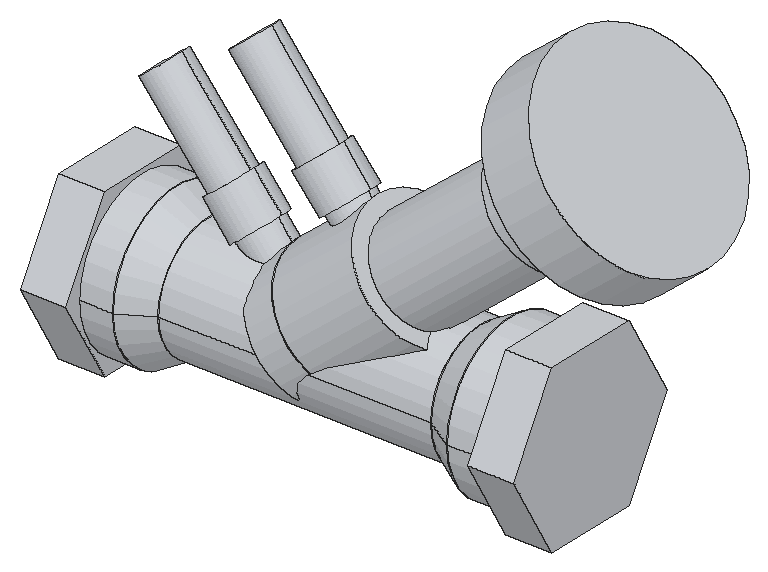
Revit family "D9505-DN50-RFA_2018", category Pipe Accessories, Revit 2018
Family settings
  Round Connector Dimension = Use Diameter
  Part Type = Valve - Breaks Into
  Work Plane-Based = No
  Always vertical = Yes
  Cut with Voids When Loaded = No
  Shared = No
Parameters (values of type "D9505 DN50")
  magiProductId = "2fc06cc644084f6992b3d357430981"
  magiProductFamilyId = "283409d322044e8dba8a30d68fed8b"
  magiPartTypeId = 304
  isMeasuringValve [instance] = no
  ang2D [instance] = 0.00°
  W2D = 10 mm
  VersionID = "2.0/2017.10.31.1/VIR_9505_001"
  Use Minimum Symbol Size [instance] = yes
  URL = "http://www.hydronic.cz"
  Type Comments = "závitový; PN25 (-10~+100°C) nebo PN20 (-10~+130°C)"
  RN2 = 26.4 mm
  RN = 31.2 mm
  R7 = 9 mm
  R6 = 7.5 mm
  R5 = 20 mm
  R4 = 17 mm
  R3 = 22 mm
  R2 = 26 mm
  R1 = 20 mm
  QmdConnectorList = "301;D;302;D"
  Productdata [instance] = ""
  NUT1 = no
  Manufacturer = "Hydronic Systems Prague s.r.o."
  MC Product Code = "9505 050 (DN50; PN25 kvs29,8)"
  MC Piping Given Pressure Drop [instance] = 0.0 Pa
  L_2 = 80.5 mm
  L7 = 36 mm
  L6 = 2 mm
  L4 = 20.93 mm
  L3 = 10 mm
  L2__ve = -L2  # -11 mm
  L2D_Min = 3048 mm
  L2D = 77 mm
  L2 = 11 mm
  L1__ve = -L1  # -15 mm
  L1 = 15 mm
  HWR = 35 mm
  H8 = 34.8 mm
  H7 = 13.92 mm
  H6 = 29 mm
  H5 = 24 mm
  H4 = 20 mm
  H3 = 52.753 mm
  H2 = 34 mm
  H1 = 12 mm
  Description = "Ruční vyvažovací ventil závitový; bronzový; DN50; kvs29,8"
  D = 50 mm
  CenSd_RN_6 = RN * cos(30.00°)  # 27.02 mm
  CenSd_RN2_6 = RN2 * cos(30.00°)  # 22.863 mm
  CAT0 = yes
Types (7, lengths in mm): name | magiProductId | RN2 | RN | R4 | R3 | R2 | R1 | MC Product Code | L_2 | L4 | L2__ve | L2 | L1__ve | L1 | H8 | H7 | H6 | H5 | H3 | H2 | H1 | Description | D | CenSd_RN_6 | CenSd_RN2_6
  D9505 DN10 | "f06221e9bc9341508f66871c80ccb9" | 13.2 | 15.6 | 11 | 11 | 13 | 10 | "9505 010 (DN10; PN25 kvs0,97)" | 38.5 | 10.01 | -8 | 8 | -7 | 7 | 27.3 | 10.92 | 18 | 13 | 13.859 | 42 | 4 | "Ruční vyvažovací ventil závitový; bronzový; DN10; kvs0,97" | 10 | 13.51 | 11.432
  D9505 DN15 | "7168eb0cb4024df38c6d32127ca87d" | 14.85 | 17.55 | 12.375 | 12.375 | 14.625 | 11.25 | "9505 015 (DN15; PN25 kvs2,67)" | 45 | 11.7 | -8 | 8 | -8 | 8 | 27 | 10.8 | 19.375 | 14.375 | 12.304 | 41 | 5 | "Ruční vyvažovací ventil závitový; bronzový; DN15; kvs2,67" | 15 | 15.199 | 12.86
  D9505 DN20 | "82f2a7b1fa884f8cafe37fee21fa09" | 16.5 | 19.5 | 13.75 | 13.75 | 16.25 | 12.5 | "9505 020 (DN20; PN25 kvs4,1)" | 51 | 13.26 | -8 | 8 | -9 | 9 | 27 | 10.8 | 20.75 | 15.75 | 12.304 | 40 | 6 | "Ruční vyvažovací ventil závitový; bronzový; DN20; kvs4,1" | 20 | 16.887 | 14.289
  D9505 DN25 | "a5bafb2d780d49b5957b650150642c" | 18.15 | 21.45 | 15.125 | 15.125 | 17.875 | 13.75 | "9505 025 (DN25; PN25 kvs6,4)" | 55 | 14.3 | -9 | 9 | -10 | 10 | 27 | 10.8 | 22.125 | 17.125 | 12.304 | 39 | 7 | "Ruční vyvažovací ventil závitový; bronzový; DN25; kvs6,4" | 25 | 18.576 | 15.718
  D9505 DN32 | "a42dead6f7694bcf97a0a9ce0e311e" | 20.46 | 24.18 | 17 | 17.05 | 20.15 | 15.5 | "9505 032 (DN32; PN25 kvs12,0)" | 60.5 | 15.73 | -9.5 | 9.5 | -11.4 | 11.4 | 34.8 | 13.92 | 24.05 | 19.05 | 52.753 | 38 | 8 | "Ruční vyvažovací ventil závitový; bronzový; DN32; kvs12,0" | 32 | 20.94 | 17.719
  D9505 DN40 | "7d52969a8dcd46c581304e64bff261" | 23.1 | 27.3 | 17 | 19.25 | 22.75 | 17.5 | "9505 040 (DN40; PN25 kvs19,5)" | 71 | 18.46 | -10 | 10 | -13 | 13 | 34.8 | 13.92 | 26.25 | 21.25 | 52.753 | 36 | 10 | "Ruční vyvažovací ventil závitový; bronzový; DN40; kvs19,5" | 40 | 23.642 | 20.005
  D9505 DN50 | "2fc06cc644084f6992b3d357430981" | 26.4 | 31.2 | 17 | 22 | 26 | 20 | "9505 050 (DN50; PN25 kvs29,8)" | 80.5 | 20.93 | -11 | 11 | -15 | 15 | 34.8 | 13.92 | 29 | 24 | 52.753 | 34 | 12 | "Ruční vyvažovací ventil závitový; bronzový; DN50; kvs29,8" | 50 | 27.02 | 22.863
Reference planes
  plane 1 "Center (Front/Back)": y = 0
  plane 2 "XYPLANE": z = 0
  plane 3 "Center (Left/Right)": x = 0
  plane 4 "312": through (-482.908, 0, 582.247) normal (0.766, 0, 0.6428)
  plane 5 "176": through (-608.918, 0, -453.042) normal (-0.6428, 0, 0.766)
  plane 6 "173": through (-603.184, 0, -459.875) normal (-0.6428, 0, 0.766)
  plane 7 "163": x = -20.93
  plane 8 "158": x = 44.5
  plane 9 "157": x = 54.5
  plane 10 "154": x = -44.5
  plane 11 "83": through (-612.132, 0, -449.212) normal (-0.6428, 0, 0.766)
  plane 12 "76": through (-464.523, 0, 597.674) normal (0.766, 0, 0.6428)
  plane 13 "73": through (-599.97, 0, -463.706) normal (-0.6428, 0, 0.766)
  plane 14 "70": through (-584.543, 0, -482.091) normal (-0.6428, 0, 0.766)
  plane 15 "69": y = 0
  plane 16 "68": through (-490.569, 0, 575.819) normal (0.766, 0, 0.6428)
  plane 17 "60": through (-401.131, 0, 650.866) normal (0.766, 0, 0.6428)
  plane 18 "57": through (-416.452, 0, 638.01) normal (0.766, 0, 0.6428)
  plane 19 "54": through (-456.863, 0, 604.102) normal (0.766, 0, 0.6428)
  plane 20 "32": through (-492.101, 0, 574.533) normal (0.766, 0, 0.6428)
  plane 21 "31": y = 0
  plane 22 "30": through (564.523, 0, 482.091) normal (0.6428, 0, -0.766)
  plane 23 "21": x = -54.5
  plane 24 "20": x = 65.5
  plane 25 "19": x = -65.5
  plane 26 "13": x = 0
  plane 27 "11": x = 80.5
  plane 28 "10": x = -80.5
  plane 29 "9": y = 0
  plane 30 "8": z = 0
  plane 31 "65XY": through (-584.543, 0, -482.091) normal (-0.6428, 0, 0.766)
  plane 32 "65XZ": y = 0
  plane 33 "65YZ": through (-492.101, 0, 574.533) normal (0.766, 0, 0.6428)
  plane 34 "27XY": through (-492.101, 0, 574.533) normal (0.766, 0, 0.6428)
  plane 35 "27XZ": y = 0
  plane 36 "27YZ": through (564.523, 0, 482.091) normal (0.6428, 0, -0.766)
Forms (mm)
  Extrusion 1, solid, visible <- "CAT0"
    sketch origin (-492.101, 0, 574.533) x (0.642788, 0, -0.766044) y (0, 1, 0)
      loop
        circle (750, 0) r 22
    from 0 to 12 <- "H1"
  Extrusion 2, solid
    sketch origin (-608.918, 0, -453.042) x (0.766044, 0, 0.642788) y (0, 1, 0)
      loop
        circle (786, 0) r 7.5
    from 0 to 34.8 <- "H8"
  Extrusion 3, solid
    sketch origin (-599.97, 0, -463.706) x (0.766044, 0, 0.642788) y (0, 1, 0)
      loop
        circle (786, 0) r 9
    from 0 to 13.92 <- "H7"
  Extrusion 4, solid
    sketch origin (-456.863, 0, 604.102) x (0.642788, 0, -0.766044) y (0, 1, 0)
      loop
        circle (750, 0) r 17
    from 0 to 52.753 <- "H3"
  Extrusion 5, solid, visible <- "NUT1"
    sketch origin (-456.863, 0, 604.102) x (0.642788, 0, -0.766044) y (0, 1, 0)
      loop
        line (750, 26.4) -> (727.137, 13.2) -> (727.137, -13.2) -> (750, -26.4) -> (772.863, -13.2) -> (772.863, 13.2) -> (750, 26.4)
    from 0 to 15 <- "L1"
  Blend 6, solid, visible <- "CAT0"
    base sketch origin (-44.5, -750, 0) x (0, 1, 0) y (0, 0, 1)
      loop
        circle (750, 0) r 20
    top sketch origin (-44.5, -750, 0) x (0, 1, 0) y (0, 0, 1)
      loop
        circle (750, 0) r 20
    from 0 to 89
  Blend 7, solid
    base sketch origin (54.5, -750, 0) x (0, 1, 0) y (0, 0, 1)
      loop
        circle (750, 0) r 26
    top sketch origin (54.5, -750, 0) x (0, 1, 0) y (0, 0, 1)
      loop
        circle (750, 0) r 20
    from 0 to -10
  Blend 8, solid
    base sketch origin (-54.5, -750, 0) x (0, 1, 0) y (0, 0, 1)
      loop
        circle (750, 0) r 26
    top sketch origin (-54.5, -750, 0) x (0, 1, 0) y (0, 0, 1)
      loop
        circle (750, 0) r 20
    from 0 to 10
  Extrusion 9, solid
    sketch origin (-584.543, 0, -482.091) x (0.766044, 0, 0.642788) y (0, 1, 0)
      loop
        circle (752, 0) r 7.5
    from 0 to 29 <- "H6"
  Extrusion 10, solid
    sketch origin (-612.132, 0, -449.212) x (0.766044, 0, 0.642788) y (0, 1, 0)
      loop
        circle (752, 0) r 7.5
    from 0 to 34.8 <- "H8"
  Extrusion 11, solid
    sketch origin (-584.543, 0, -482.091) x (0.766044, 0, 0.642788) y (0, 1, 0)
      loop
        circle (786, 0) r 7.5
    from 0 to 24 <- "H5"
  Extrusion 12, solid
    sketch origin (-603.184, 0, -459.875) x (0.766044, 0, 0.642788) y (0, 1, 0)
      loop
        circle (752, 0) r 9
    from 0 to 13.92 <- "H7"
  Extrusion 13, solid, visible <- "CAT0"
    sketch origin (-401.131, 0, 650.866) x (0.642788, 0, -0.766044) y (0, 1, 0)
      loop
        circle (750, 0) r 35
    from 0 to 20 <- "H4"
  Extrusion 14, solid
    sketch origin (-416.452, 0, 638.01) x (0.642788, 0, -0.766044) y (0, 1, 0)
      loop
        circle (750, 0) r 20
    from 0 to 20 <- "H4"
  Extrusion 15, solid
    sketch origin (-482.908, 0, 582.247) x (0.642788, 0, -0.766044) y (0, 1, 0)
      loop
        circle (750, 0) r 22
    from 0 to 34 <- "H2"
  Extrusion 16, solid
    sketch origin (65.5, -750, 0) x (0, 1, 0) y (0, 0, 1)
      loop
        circle (750, 0) r 26
    from 0 to -11 <- "L2__ve"
  Extrusion 17, solid
    sketch origin (-65.5, -750, 0) x (0, 1, 0) y (0, 0, 1)
      loop
        circle (750, 0) r 26
    from 0 to 11 <- "L2"
  Extrusion 18, solid
    sketch origin (80.5, -750, 0) x (0, 1, 0) y (0, 0, 1)
      loop
        line (718.8, 0) -> (734.4, -27.02) -> (765.6, -27.02) -> (781.2, 0) -> (765.6, 27.02) -> (734.4, 27.02) -> (718.8, 0)
    from 0 to -15 <- "L1__ve"
  Extrusion 19, solid
    sketch origin (-80.5, -750, 0) x (0, 1, 0) y (0, 0, 1)
      loop
        line (781.2, 0) -> (765.6, 27.02) -> (734.4, 27.02) -> (718.8, 0) -> (734.4, -27.02) -> (765.6, -27.02) -> (781.2, 0)
    from 0 to 15 <- "L1"
  Extrusion 20, solid, not visible
    sketch origin (80.5, -750, 0) x (0, 1, 0) y (0, 0, 1)
      loop
        circle (750, 0) r 10
    from 0 to -10
  Extrusion 21, solid, not visible
    sketch origin (-80.5, -750, 0) x (0, 1, 0) y (0, 0, 1)
      loop
        circle (750, 0) r 10
    from 0 to 10
Lines and regions (mm)
  reference lines, not visible
    curve 1: circle (2, 2, 0) r 1 normal (0, 0, 1)
  reference lines
    curve 2: line (25.228, 0, 29.568) -> (28.902, -3.3, 25.19)
    curve 3: line (25.228, 0, 29.568) -> (25.228, -6.6, 29.568)
    curve 4: line (25.228, 0, 29.568) -> (21.554, -3.3, 33.947)
    curve 5: line (80.5, 0, 0) -> (80.5, 3.9, -6.755)
    curve 6: line (80.5, 0, 0) -> (80.5, 7.8, 0)
    curve 7: line (80.5, 0, 0) -> (80.5, 3.9, 6.755)
    curve 8: line (-80.5, 0, 0) -> (-80.5, -3.9, -6.755)
    curve 9: line (-80.5, 0, 0) -> (-80.5, -7.8, 0)
    curve 10: line (-80.5, 0, 0) -> (-80.5, -3.9, 6.755)
Dimensions and locks
  plane 1 "Center (Front/Back)" to curve 1 = 2 mm
  "H1": plane 20 "32" to plane 4 "312"
  "H7": plane 13 "73" to plane 5 "176"
  "H6": plane 14 "70" to plane 6 "173"
  "L4": plane 26 "13" to plane 7 "163"
  "L3": plane 9 "157" to plane 8 "158"
  "L2": plane 24 "20" to plane 9 "157"
  "L3": plane 23 "21" to plane 10 "154"
  "H7": plane 6 "173" to plane 11 "83"
  "L7": plane 33 "65YZ" to plane 12 "76"
  "H5": plane 14 "70" to plane 13 "73"
  locked: plane 31 "65XY" to plane 14 "70" at 0
  locked: plane 29 "9" to plane 15 "69"
  "L6": plane 33 "65YZ" to plane 16 "68"
  "H4": plane 18 "57" to plane 17 "60"
  "H3": plane 19 "54" to plane 18 "57"
  "H2": plane 4 "312" to plane 19 "54"
  locked: plane 34 "27XY" to plane 20 "32" at 0
  locked: plane 29 "9" to plane 21 "31"
  locked: plane 36 "27YZ" to plane 22 "30"
  "L2": plane 25 "19" to plane 23 "21"
  "L1": plane 27 "11" to plane 24 "20"
  "L1": plane 28 "10" to plane 25 "19"
  locked: plane 3 "Center (Left/Right)" to plane 26 "13"
  "L_2": plane 3 "Center (Left/Right)" to plane 27 "11"
  "L_2": plane 3 "Center (Left/Right)" to plane 28 "10"
  locked: plane 1 "Center (Front/Back)" to plane 29 "9"
  locked: plane 2 "XYPLANE" to plane 30 "8"
  "CenSd_RN2_6": curve 2 to Extrusion 5 sketch curve  (x2)
  "CenSd_RN2_6": curve 3 to Extrusion 5 sketch curve  (x2)
  "CenSd_RN2_6": curve 4 to Extrusion 5 sketch curve  (x2)
  Extrusion 5 sketch curve to Extrusion 5 sketch curve = 0 mm  (x12)
  "CenSd_RN_6": curve 5 to Extrusion 18 sketch curve  (x2)
  "CenSd_RN_6": curve 6 to Extrusion 18 sketch curve  (x2)
  "CenSd_RN_6": curve 7 to Extrusion 18 sketch curve  (x2)
  Extrusion 18 sketch curve to Extrusion 18 sketch curve = 0 mm  (x12)
  "CenSd_RN_6": curve 8 to Extrusion 19 sketch curve  (x2)
  "CenSd_RN_6": curve 9 to Extrusion 19 sketch curve  (x2)
  "CenSd_RN_6": curve 10 to Extrusion 19 sketch curve  (x2)
  Extrusion 19 sketch curve to Extrusion 19 sketch curve = 0 mm  (x12)
  "R3": radius of Extrusion 1 sketch curve
  "R6": radius of Extrusion 2 sketch curve
  "R7": radius of Extrusion 3 sketch curve
  "R4": radius of Extrusion 4 sketch curve
  "R1": radius of Blend 6 sketch curve  (x2)
  "R1": radius of Blend 7 sketch curve
  "R2": radius of Blend 7 sketch curve
  "R1": radius of Blend 8 sketch curve
  "R2": radius of Blend 8 sketch curve
  "R6": radius of Extrusion 9 sketch curve
  "R6": radius of Extrusion 10 sketch curve
  "R6": radius of Extrusion 11 sketch curve
  "R7": radius of Extrusion 12 sketch curve
  "HWR": radius of Extrusion 13 sketch curve
  "R5": radius of Extrusion 14 sketch curve
  "R3": radius of Extrusion 15 sketch curve
  "R2": radius of Extrusion 16 sketch curve
  "R2": radius of Extrusion 17 sketch curve
  locked: curve 3 to curve 2 (angle 60.00°)
  locked: curve 4 to curve 3 (angle 60.00°)
  locked: curve 4 to curve 2 (angle 120.00°)
  locked: curve 6 to curve 5 (angle 60.00°)
  locked: curve 7 to curve 6 (angle 60.00°)
  locked: curve 7 to curve 5 (angle 120.00°)
  locked: curve 9 to curve 8 (angle 60.00°)
  locked: curve 10 to curve 9 (angle 60.00°)
  locked: curve 10 to curve 8 (angle 120.00°)
  aligned and locked: level to plane 2 "XYPLANE"
  aligned and locked: plane 21 "31" to Extrusion 1 sketch curve
  aligned and locked: Extrusion 1 sketch curve to plane 22 "30"
  aligned and locked: Extrusion 2 sketch curve to plane 12 "76"
  aligned and locked: plane 15 "69" to Extrusion 2 sketch curve
  aligned and locked: Extrusion 3 sketch curve to plane 12 "76"
  aligned and locked: plane 15 "69" to Extrusion 3 sketch curve
  aligned and locked: plane 21 "31" to Extrusion 4 sketch curve
  aligned and locked: Extrusion 4 sketch curve to plane 22 "30"
  aligned and locked: curve 2 to plane 22 "30"
  aligned and locked: plane 21 "31" to curve 3
  aligned and locked: Blend 6 sketch curve to plane 29 "9"  (x2)
  aligned and locked: plane 30 "8" to Blend 6 sketch curve  (x2)
  aligned and locked: plane 8 "158" to Blend 6
  aligned and locked: Blend 7 sketch curve to plane 29 "9"  (x2)
  aligned and locked: plane 30 "8" to Blend 7 sketch curve  (x2)
  aligned and locked: Blend 7 to plane 8 "158"
  aligned and locked: Blend 8 sketch curve to plane 29 "9"  (x2)
  aligned and locked: plane 30 "8" to Blend 8 sketch curve  (x2)
  aligned and locked: plane 10 "154" to Blend 8
  aligned and locked: plane 15 "69" to Extrusion 9 sketch curve
  aligned and locked: Extrusion 9 sketch curve to plane 16 "68"
  aligned and locked: plane 15 "69" to Extrusion 10 sketch curve
  aligned and locked: Extrusion 10 sketch curve to plane 16 "68"
  aligned and locked: Extrusion 11 sketch curve to plane 12 "76"
  aligned and locked: plane 15 "69" to Extrusion 11 sketch curve
  aligned and locked: plane 15 "69" to Extrusion 12 sketch curve
  aligned and locked: Extrusion 12 sketch curve to plane 16 "68"
  aligned and locked: plane 21 "31" to Extrusion 13 sketch curve
  aligned and locked: Extrusion 13 sketch curve to plane 22 "30"
  aligned and locked: plane 21 "31" to Extrusion 14 sketch curve
  aligned and locked: Extrusion 14 sketch curve to plane 22 "30"
  aligned and locked: plane 21 "31" to Extrusion 15 sketch curve
  aligned and locked: Extrusion 15 sketch curve to plane 22 "30"
  aligned and locked: Extrusion 16 sketch curve to plane 29 "9"
  aligned and locked: plane 30 "8" to Extrusion 16 sketch curve
  aligned and locked: Extrusion 17 sketch curve to plane 29 "9"
  aligned and locked: plane 30 "8" to Extrusion 17 sketch curve
  aligned and locked: curve 7 to plane 29 "9"
  aligned and locked: plane 30 "8" to curve 7
  aligned and locked: curve 10 to plane 29 "9"
  aligned and locked: plane 30 "8" to curve 10
  aligned and locked: Extrusion 20 sketch curve to plane 29 "9"
  aligned and locked: plane 30 "8" to Extrusion 20 sketch curve
  aligned and locked: Extrusion 21 sketch curve to plane 29 "9"
  aligned and locked: plane 30 "8" to Extrusion 21 sketch curve
Automatic sketch dimensions
  plane 1 "Center (Front/Back)" to Extrusion 20 sketch curve = 10 mm
  plane 1 "Center (Front/Back)" to Extrusion 21 sketch curve = 10 mm
  plane 3 "Center (Left/Right)" to curve 1 = 2 mm
  radius of curve 1 = 1 mm
Connectors
  piping at (-80.5, 0, 0), diameter 50, driven by "D"
    settings: on Extrusion 21, index 1, connector inside diameter 609.6 mm, connector length 0 mm, flow factor 0, pipe flow 0.0 L/s, pressure drop 0.0 Pa, fitting loss kfactor 0, connector angle 0.00°, fixture units 0, engagement length 0 mm, angle of deflection 0.00°, flow configuration 0, flow direction 0, fitting loss method 0, system type 29, joint type 0, gender type 0, connector reference index 2, connector utility 0, adjustable connector no, is connector primary yes, connector description ""
  piping at (80.5, 0, 0), diameter 50, driven by "D"
    settings: on Extrusion 20, index 2, connector inside diameter 609.6 mm, connector length 0 mm, flow factor 0, pipe flow 0.0 L/s, pressure drop 0.0 Pa, fitting loss kfactor 0, connector angle 0.00°, fixture units 0, engagement length 0 mm, angle of deflection 0.00°, flow configuration 0, flow direction 0, fitting loss method 0, system type 29, joint type 0, gender type 0, connector reference index 1, connector utility 0, adjustable connector no, is connector primary no, connector description ""
